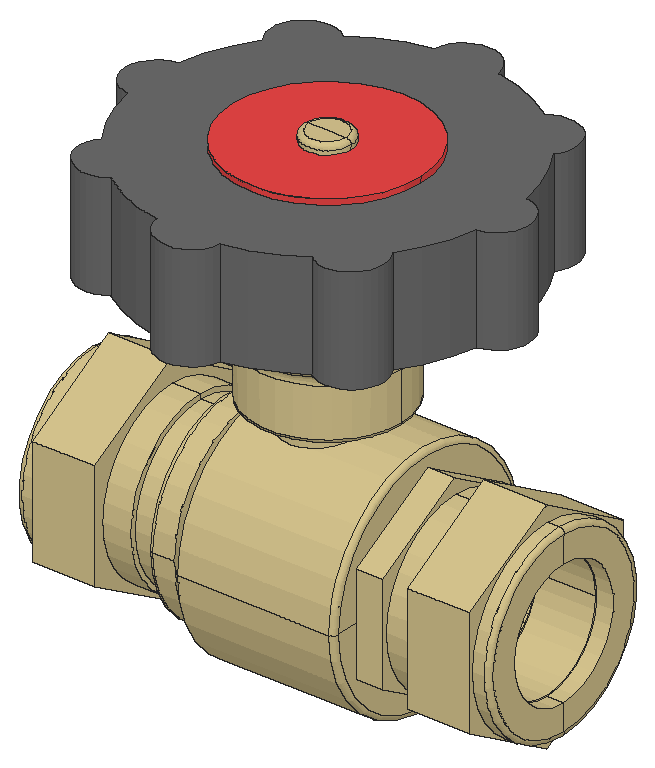
Revit family "QD30810000", category Apparecchi idraulici, Revit 2016
Family settings
  Tipo di parte = Normale
  Quota connettore circolare = Usa diametro
  Numero OmniClass = 23.45.00.00
  Titolo OmniClass = Sanitary, Laundry, and Cleaning Equipment
  Basato su piano di lavoro = No
  Sempre verticale = Sì
  Taglio con vuoti quando caricato = No
  Condiviso = No
  Punto di calcolo locali = No
Parameters
  URL = "https://web.cimberio.it/index.php/figura/1048?subcategoria_id=42864"
  Produttore = "CIMBERIO SPA"
  DN Model [instance] = QD30815028 : QD30815028
  DN [instance] = 25 mm
Reference planes
  plane 1 "Centro (Fronte/Retro)": y = 0
  plane 2: z = 0
  plane 3 "Centro (Sinistra/Destra)": x = 0
Dimensions and locks
  aligned and locked: level to plane 2
Nested families
  nested 1: "QD30815028" at (0, 0, 0), type <- "DN Model", type "QD30815028"
    with DN 10 mm
  nested 2: "QD30815028" at (0, 0, 0), type <- "DN Model", type "QD30815028"
    with DN 10 mm
  nested 3: "QD30815028" at (0, 0, 0), type <- "DN Model", type "QD30815028"
    with DN 10 mm
  nested 4: "QD30815028" at (0, 0, 0), type <- "DN Model", type "QD30815028"
    with DN 10 mm
  nested 5: "QD30815028" at (0, 0, 0), type <- "DN Model", type "QD30815028"
    with DN 10 mm
  nested 6: "QD30815028" at (0, 0, 0), type <- "DN Model", type "QD30815028"
    with DN 10 mm
  nested 7: "QD30815028" at (0, 0, 0), type <- "DN Model", type "QD30815028"
    with DN 10 mm
Connectors
  piping at (43.939, 0, 0), diameter 25, driven by "DN"
    settings: on nested 1, index 1, connector inside diameter 609.6 mm, connector length 0 mm, flow factor 0, pipe flow 0.0 L/s, pressure drop 0.0 Pa, fitting loss kfactor 0, connector angle 0.00°, fixture units 0, engagement length 0 mm, angle of deflection 0.00°, flow configuration 0, flow direction 0, fitting loss method 0, system type 7, joint type 0, gender type 0, connector reference index -1, connector utility 0, adjustable connector no, is connector primary yes, connector description ""
  piping at (-43.802, 0, 0), diameter 25, driven by "DN"
    settings: on nested 1, index 2, connector inside diameter 609.6 mm, connector length 0 mm, flow factor 0, pipe flow 0.0 L/s, pressure drop 0.0 Pa, fitting loss kfactor 0, connector angle 0.00°, fixture units 0, engagement length 0 mm, angle of deflection 0.00°, flow configuration 0, flow direction 0, fitting loss method 0, system type 7, joint type 0, gender type 0, connector reference index -1, connector utility 0, adjustable connector no, is connector primary no, connector description ""
Definition of nested family "QD30815028"
  Parameters (values of type "QD30815028")
    DN [instance] = 10 mm  # constant formula
  Reference planes
    plane 1 "Centro (Fronte/Retro)": y = 0
    plane 2: z = 0
    plane 3 "Centro (Sinistra/Destra)": x = 0
  Forms (mm)
    Revolve 1, solid
      sketch origin (0, 0, 0) x (1, 0, 0) y (0, 1, 0)
        loop
          line (-20, 12.5) -> (20.021, 12.5) -> (20.1, 22.5)
          arc (20.1, 22.5) -> (19.808, 23.207) -> (19.101, 23.5) r 1
          line (19.101, 23.5) -> (-11.25, 23.5) -> (-14.75, 20) -> (-19, 20)
          arc (-19, 20) -> (-19.707, 19.707) -> (-20, 19) r 1
          line (-20, 19) -> (-20, 12.5)
        axis (-20, 0) -> (20.1, 0)
      angle from 0 to 360
    Revolve 2, solid
      sketch origin (0, 0, 8) x (1, 0, 0) y (0, 0, 1)
        loop
          line (0.063, 27.3) -> (0.063, 11.623) -> (9.5, 11.623) -> (9.5, 21)
          arc (9.5, 21) -> (9.863, 21.294) -> (10, 21.742) r 0.8
          line (10, 21.742) -> (10, 27.3) -> (0.063, 27.3)
        axis (0.063, 11.623) -> (0.063, 27.3)
      angle from 0 to 360
    Extrusion 3, solid
      sketch origin (0, 0, 8) x (1, 0, 0) y (0, 0, 1)
        loop
          line (-14, 26.3) -> (-14, 22.5) -> (-12, 20.5) -> (-12, 10.345) -> (-7.86, 10.345) -> (-7.86, 26.3) -> (-14, 26.3)
      from -1.5 to 1.5
    Revolve 4, solid
      sketch origin (0, 0, 8) x (1, 0, 0) y (0, 0, 1)
        loop
          line (0, 30.531) -> (-6.985, 30.531) -> (-6.985, 27.3) -> (0, 27.3) -> (0, 30.531)
        axis (0, 30.531) -> (0, 27.3)
      angle from 0 to 360
    Revolve 5, solid
      sketch origin (0, 0, 21.995) x (1, 0, 0) y (0, 0, 1)
        loop
          line (0, 51.8) -> (0, 50.016) -> (4.75, 50.016) -> (4.75, 50.8)
          arc (4.75, 50.8) -> (4.457, 51.507) -> (3.75, 51.8) r 1
          line (3.75, 51.8) -> (0, 51.8)
        axis (0, 51.8) -> (0, 50.016)
      angle from 0 to 360
    Revolve 6, solid
      sketch origin (0, 0, 0) x (1, 0, 0) y (0, 0, 1)
        loop
          line (-20, 12.5) -> (-20, 16.5) -> (-25.5, 16.5) -> (-25.5, 17.4) -> (-31.302, 17.4) -> (-31.302, 12.5) -> (-20, 12.5)
        axis (-31.302, 0) -> (-20, 0)
      angle from 0 to 360
    Extrusion 7, solid
      sketch origin (-11, 0, 0) x (0, 0, 1) y (0, 1, 0)
        loop
          circle (0, 0) r 12.5
        loop
          line (21.9, 0) -> (10.844, 19.15) -> (-10.844, 19.15) -> (-21.9, 0) -> (-10.844, -19.15) -> (10.844, -19.15) -> (21.9, 0)
      from 20.302 to 32.802
    Revolve 8, solid
      sketch origin (0, 0, 0) x (1, 0, 0) y (0, 0, 1)
        loop
          line (-43.802, 18.75) -> (-46.302, 18.75)
          arc (-46.302, 18.75) -> (-47.009, 18.457) -> (-47.302, 17.75) r 1
          line (-47.302, 17.75) -> (-47.302, 12.5) -> (-43.802, 12.5) -> (-43.802, 18.75)
        axis (-47.302, 0) -> (-43.802, 0)
      angle from 0 to 360
    Extrusion 9, solid
      sketch origin (11.137, 0, 0) x (0, 0, 1) y (0, -1, 0)
        loop
          circle (0, 0) r 12.5
        loop
          line (21.9, 0) -> (10.844, 19.15) -> (-10.844, 19.15) -> (-21.9, 0) -> (-10.844, -19.15) -> (10.844, -19.15) -> (21.9, 0)
      from 20.302 to 32.802
    Revolve 10, solid
      sketch origin (0.137, 0, 0) x (-1, 0, 0) y (0, 0, -1)
        loop
          line (-43.802, -18.75) -> (-43.802, -12.5) -> (-47.302, -12.5) -> (-47.302, -17.75)
          arc (-47.302, -17.75) -> (-47.009, -18.457) -> (-46.302, -18.75) r 1
          line (-46.302, -18.75) -> (-43.802, -18.75)
        axis (-47.302, 0) -> (-43.802, 0)
      angle from 0 to 360
    Revolve 11, solid
      sketch origin (0, 0, 0) x (1, 0, 0) y (0, 0, 1)
        loop
          line (25.6, 17.4) -> (25.6, 12.5) -> (31.948, 12.5) -> (31.948, 17.4) -> (25.6, 17.4)
        axis (25.6, 0) -> (31.948, 0)
      angle from 0 to 360
    Extrusion 12, solid
      sketch origin (-11, 0, 0) x (0, 0, 1) y (0, 1, 0)
        loop
          circle (0, 0) r 12.5
        loop
          line (20.25, 0) -> (9.858, 18) -> (-9.858, 18) -> (-20.25, 0) -> (-9.858, -18) -> (9.858, -18) -> (20.25, 0)
      from -36.6 to -31.021
    Revolve 13, solid
      sketch origin (0, 0, 0) x (1, 0, 0) y (0, 0, 1)
        loop
          line (0, 49.8) -> (-27.4, 49.8) -> (-15.732, 38.132)
          arc (-15.732, 38.132) -> (-15.167, 37.262) -> (-15.003, 36.237) r 2.5
          line (-15.003, 36.237) -> (-14.909, 26.42)
          arc (-14.909, 26.42) -> (-14.754, 26.052) -> (-14.384, 25.9) r 0.525
          line (-14.384, 25.9) -> (0, 25.9) -> (0, 49.8)
        axis (0, 49.8) -> (0, 25.9)
      angle from 0 to 360
    Extrusion 14, solid
      sketch origin (0, 0, 28.55) x (1, 0, 0) y (0, 1, 0)
        loop
          arc (6.371, 34.924) -> (0, 40.5) -> (-6.371, 34.924) r 6.428
          arc (-6.371, 34.924) -> (-13.585, 32.798) -> (-20.19, 29.2) r 35.5
          arc (-20.19, 29.2) -> (-28.638, 28.638) -> (-29.2, 20.19) r 6.428
          arc (-29.2, 20.19) -> (-32.798, 13.586) -> (-34.924, 6.371) r 35.5
          arc (-34.924, 6.371) -> (-40.5, 0) -> (-34.924, -6.371) r 6.428
          arc (-34.924, -6.371) -> (-32.798, -13.585) -> (-29.2, -20.189) r 35.5
          arc (-29.2, -20.189) -> (-28.638, -28.638) -> (-20.19, -29.199) r 6.428
          arc (-20.19, -29.199) -> (-13.585, -32.797) -> (-6.371, -34.923) r 35.5
          arc (-6.371, -34.923) -> (0, -40.5) -> (6.371, -34.923) r 6.428
          arc (6.371, -34.923) -> (13.585, -32.797) -> (20.19, -29.199) r 35.5
          arc (20.19, -29.199) -> (28.638, -28.638) -> (29.2, -20.189) r 6.428
          arc (29.2, -20.189) -> (32.798, -13.585) -> (34.924, -6.371) r 35.5
          arc (34.924, -6.371) -> (40.5, 0) -> (34.924, 6.371) r 6.428
          arc (34.924, 6.371) -> (32.798, 13.586) -> (29.2, 20.19) r 35.5
          arc (29.2, 20.19) -> (28.638, 28.638) -> (20.19, 29.2) r 6.428
          arc (20.19, 29.2) -> (13.585, 32.798) -> (6.371, 34.924) r 35.5
      from 21.25 to 42.35
    Extrusion 15, solid
      sketch origin (0, 0, 28.55) x (1, 0, 0) y (0, 1, 0)
        loop
          circle (0, 0) r 18.828
      from 42.35 to 43.461
  Dimensions and locks
    aligned and locked: level to plane 2
